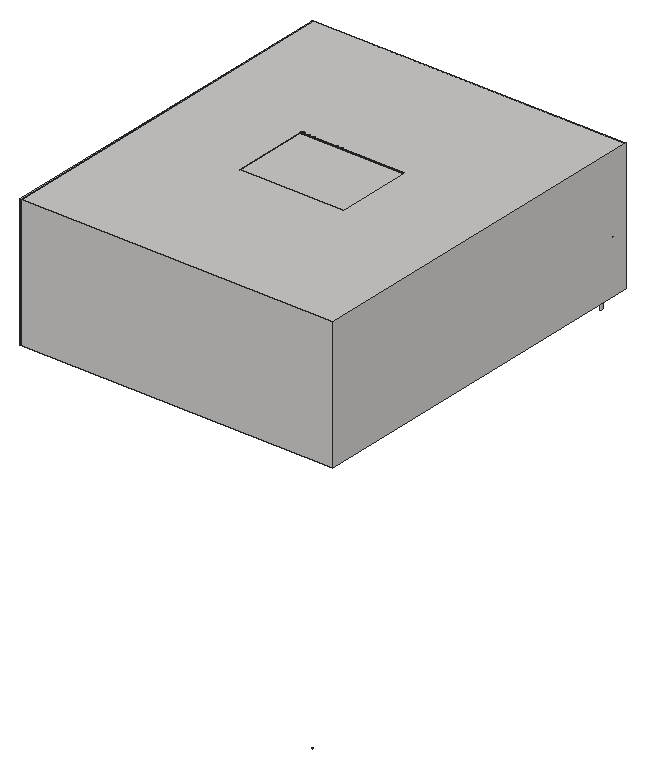
Revit family "QF_ELECTROLUXPROFESSIONAL_640270_VAP1214", category Specialty Equipment, Revit 2014
Reference planes
  plane 1: z = 0
  plane 2 "Center (Left/Right)": x = 150
  plane 3 "LEFT": x = -450
  plane 4 "RIGHT": x = 750
  plane 5 "BACK": y = 550
  plane 6 "TOP": z = 2500
  plane 7 "Base": z = 2000
  plane 8: z = 1970
  plane 9 "DrainY": y = 450
  plane 10: x = -447
  plane 11 "DrainX": x = 737
  plane 12 "AOLeft2": x = 350
  plane 13: x = 747
  plane 14: x = -250
  plane 15: x = 550
  plane 16: x = 50
  plane 17: x = 250
  plane 18 "AOLeft1": x = -50
  plane 19: through (0, 550, 2133.855) normal (0, 0.5299, 0.848)
  plane 20: y = 0
  plane 21: y = -300
  plane 22: y = -150
  plane 23: y = -850
  plane 24: through (0, -850, 2133.855) normal (0, 0.5299, -0.848)
Forms (mm)
  Extrusion 1, solid, material "QF_Finishes_Stainless Steel"
    sketch origin (-450, 0, 360) x (0, 1, 0) y (0, 0, 1)
      loop
        line (550, 1640) -> (550, 2140) -> (-850, 2140) -> (-850, 1640) -> (550, 1640)
    from 0 to 3
  Extrusion 2, solid, material "QF_Finishes_Stainless Steel"
    sketch origin (750, 0, 360) x (0, 1, 0) y (0, 0, 1)
      loop
        line (550, 1640) -> (550, 2140) -> (-850, 2140) -> (-850, 1640) -> (550, 1640)
    from 0 to -3
  Extrusion 3, solid, material "QF_Finishes_Stainless Steel"
    sketch origin (150, 0, 360) x (0, 1, 0) y (0, 0, 1)
      loop
        line (-850, 2140) -> (-850, 1640) -> (-840, 1640) -> (-840, 1640.8) -> (-849.2, 1640.8) -> (-849.2, 2139.19) -> (549.2, 2139.19) -> (549.2, 1640.8) -> (540, 1640.8) -> (540, 1640) -> (550, 1640) -> (550, 2140) -> (-850, 2140)
    from -600 to 600
  Extrusion 4, solid, material "QF_Finishes_Stainless Steel"
    sketch origin (0, 0, 2000) x (0, 1, 0) y (-1, 0, 0)
      loop
        circle (450, -737) r 4.763
    from -30 to 0
  Extrusion 5, void
    sketch origin (0, 400, 2500) x (0, 1, 0) y (-1, 0, 0)
      loop
        line (-400, -350) -> (-400, 50) -> (-700, 50) -> (-700, -350) -> (-400, -350)
    from 0 to -10
  Extrusion 6, solid, material "QF_Finishes_Stainless Steel"
    sketch origin (0, 0, 0) x (1, 0, 0) y (0, 1, 0)
      loop
        line (-450, 550) -> (-450, 549) -> (-449, 549) -> (-449, 550) -> (-450, 550)
    from 0 to 1
  Extrusion 7, solid, material "QF_Finishes_Stainless Steel"
    sketch origin (150, 0, 360) x (0, 1, 0) y (0, 0, 1)
      loop
        line (503.5, 1837.574) -> (207.375, 2022.621) -> (192.198, 1998.364) -> (488.366, 1813.348) -> (503.5, 1837.574)
      loop
        line (-803.5, 1837.574) -> (-788.366, 1813.348) -> (-492.198, 1998.364) -> (-507.375, 2022.621) -> (-803.5, 1837.574)
    from -400 to -597
  Extrusion 8, solid, material "QF_Finishes_Stainless Steel"
    sketch origin (150, 0, 360) x (0, 1, 0) y (0, 0, 1)
      loop
        line (549.2, 1775.312) -> (472.742, 1823.075) -> (472.313, 1822.387) -> (549.2, 1774.355) -> (549.2, 1775.312)
      loop
        line (202.48, 1991.938) -> (126.212, 2039.602) -> (-426.212, 2039.602) -> (-502.48, 1991.938) -> (-502.063, 1991.27) -> (-426, 2038.801) -> (126, 2038.801) -> (202.063, 1991.27) -> (202.48, 1991.938)
      loop
        line (-849.2, 1775.312) -> (-849.2, 1774.355) -> (-772.313, 1822.387) -> (-772.742, 1823.075) -> (-849.2, 1775.312)
    from -597 to 597
  Extrusion 9, solid, material "QF_Finishes_Stainless Steel"
    sketch origin (150, 0, 360) x (0, 1, 0) y (0, 0, 1)
      loop
        line (-507.375, 2022.621) -> (-803.5, 1837.574) -> (-788.366, 1813.348) -> (-492.198, 1998.364) -> (-507.375, 2022.621)
      loop
        line (503.5, 1837.574) -> (207.375, 2022.621) -> (192.198, 1998.364) -> (488.366, 1813.348) -> (503.5, 1837.574)
    from 597 to 400
  Extrusion 10, solid, material "QF_Finishes_Stainless Steel"
    sketch origin (150, 0, 360) x (0, 1, 0) y (0, 0, 1)
      loop
        line (-507.375, 2022.621) -> (-803.5, 1837.574) -> (-788.366, 1813.348) -> (-492.198, 1998.364) -> (-507.375, 2022.621)
      loop
        line (503.5, 1837.574) -> (207.375, 2022.621) -> (192.198, 1998.364) -> (488.366, 1813.348) -> (503.5, 1837.574)
    from -100 to 100
  Extrusion 11, solid, material "QF_Finished_Chrome"
    sketch origin (150, 0, 360) x (0, 1, 0) y (0, 0, 1)
      loop
        line (503.5, 1837.574) -> (207.375, 2022.621) -> (192.198, 1998.364) -> (488.366, 1813.348) -> (503.5, 1837.574)
      loop
        line (-507.375, 2022.621) -> (-803.5, 1837.574) -> (-788.366, 1813.348) -> (-492.198, 1998.364) -> (-507.375, 2022.621)
    from -400 to -100
  Extrusion 12, solid, material "QF_Finished_Chrome"
    sketch origin (150, 0, 360) x (0, 1, 0) y (0, 0, 1)
      loop
        line (-507.375, 2022.621) -> (-803.5, 1837.574) -> (-788.366, 1813.348) -> (-492.198, 1998.364) -> (-507.375, 2022.621)
      loop
        line (503.5, 1837.574) -> (207.375, 2022.621) -> (192.198, 1998.364) -> (488.366, 1813.348) -> (503.5, 1837.574)
    from 100 to 400
  Sweep 13, solid, material "QF_Finishes_Stainless Steel"
    path origin (0, 0, 0) x (1, 0, 0) y (0, 1, 0)
      loop
        line (750, 550) -> (-450, 550) -> (-450, -850) -> (750, -850) -> (750, 550)
    profile origin (750, -150, 0) x (1, 0, 0) y (0, 0, 1)
      loop
        line (-3, 2000) -> (-3, 2000.8) -> (-19, 2000.8) -> (-19, 2010) -> (-20, 2010) -> (-20, 2000) -> (-3, 2000)
Cuts and joins
  Extrusion 5 cuts Extrusion 3
  joined: Extrusion 2, Extrusion 3, Sweep 13
Lines and regions (mm)
  symbolic lines, style "SpecialityEquipment", detail levels coarse
    curve 1: line (750, 550, 2500) -> (-450, 550, 2500)
    curve 2: line (-450, 550, 2500) -> (-450, -850, 2500)
    curve 3: line (750, -850, 2500) -> (750, 550, 2500)
    curve 4: line (-450, 550, 0) -> (750, -850, 0)
    curve 5: line (750, 550, 0) -> (-450, -850, 0)
  symbolic lines, detail levels coarse
    curve 6: line (-450, -850, 0) -> (750, -850, 0)
    curve 7: line (350, 0, 0) -> (-50, 0, 0)
    curve 8: line (350, -300, 0) -> (350, 0, 0)
    curve 9: line (-50, -300, 0) -> (350, -300, 0)
    curve 10: line (-50, 0, 0) -> (-50, -300, 0)
Dimensions and locks
  plane 3 "LEFT" to plane 4 "RIGHT" = 1200 mm
  equal spacing: plane 3 "LEFT", plane 2 "Center (Left/Right)", plane 4 "RIGHT"
  plane 7 "Base" to plane 8 = 30 mm
  plane 5 "BACK" to plane 9 "DrainY" = 100 mm  (x2)
  plane 3 "LEFT" to plane 10 = 3 mm
  plane 11 "DrainX" to plane 4 "RIGHT" = 13 mm
  plane 13 to plane 4 "RIGHT" = 3 mm
  plane 3 "LEFT" to plane 14 = 200 mm
  plane 15 to plane 4 "RIGHT" = 200 mm
  locked: plane 7 "Base" to level at 2000
  locked: plane 6 "TOP" to plane 7 "Base" at 500
  locked: plane 16 to plane 17 at 200
  equal spacing: plane 16, plane 2 "Center (Left/Right)", plane 17
  plane 5 "BACK" to plane 23 = 1400 mm  (x2)
  equal spacing: plane 5 "BACK", plane 22, plane 23
  locked: plane 20 to plane 21 at 300
  equal spacing: plane 20, plane 22, plane 21
  locked: plane 18 "AOLeft1" to plane 12 "AOLeft2" at 400
  equal spacing: plane 18 "AOLeft1", plane 2 "Center (Left/Right)", plane 12 "AOLeft2"
  aligned and locked: level to plane 1
  aligned and locked: plane 4 "RIGHT" to Extrusion 3
  aligned and locked: Extrusion 3 to plane 3 "LEFT"
  aligned and locked: Extrusion 7 to plane 10
  aligned and locked: Extrusion 7 to plane 14
  aligned and locked: Extrusion 2 to plane 13
  aligned and locked: plane 13 to Extrusion 9
  aligned and locked: plane 15 to Extrusion 9
  aligned and locked: plane 17 to Extrusion 10
  aligned and locked: Extrusion 10 to plane 16
  aligned and locked: plane 16 to Extrusion 11
  aligned and locked: Extrusion 11 to plane 14
  aligned and locked: Extrusion 12 to plane 17
  aligned and locked: Extrusion 12 to plane 15
  aligned and locked: Extrusion 8 to plane 10
  aligned and locked: plane 13 to Extrusion 8
  aligned and locked: Extrusion 5 to plane 18 "AOLeft1"
  aligned and locked: Extrusion 5 to plane 12 "AOLeft2"
  aligned and locked: plane 20 to curve 7
  aligned and locked: curve 9 to plane 21
  aligned and locked: plane 20 to Extrusion 5 sketch curve
  aligned and locked: Extrusion 5 sketch curve to plane 21
Automatic sketch dimensions
  Extrusion 1 sketch curve to plane 7 "Base" = 0 mm
  Extrusion 1 sketch curve to plane 5 "BACK" = 0 mm
  Extrusion 1 sketch curve to plane 6 "TOP" = 0 mm
  Extrusion 2 sketch curve to plane 7 "Base" = 0 mm
  Extrusion 2 sketch curve to plane 5 "BACK" = 0 mm
  Extrusion 2 sketch curve to plane 6 "TOP" = 0 mm
  Extrusion 3 sketch curve to plane 6 "TOP" = 0 mm
  Extrusion 3 sketch curve to plane 7 "Base" = 0 mm  (x2)
  Extrusion 3 sketch curve to plane 5 "BACK" = 0 mm
  Extrusion 3 sketch curve to Extrusion 3 sketch curve = 9.2 mm
  plane 7 "Base" to Extrusion 3 sketch curve = 0.8 mm  (x2)
  Extrusion 3 sketch curve to plane 5 "BACK" = 10 mm
  Extrusion 3 sketch curve to plane 5 "BACK" = 0.8 mm
  Extrusion 3 sketch curve to plane 6 "TOP" = 0.81 mm
  Extrusion 4 sketch curve to plane 9 "DrainY" = 0 mm
  Extrusion 4 sketch curve to plane 11 "DrainX" = 0 mm
  Extrusion 5 sketch curve to plane 12 "AOLeft2" = 0 mm
  Extrusion 5 sketch curve to plane 18 "AOLeft1" = 0 mm
  Extrusion 6 sketch curve to plane 3 "LEFT" = 0 mm
  Extrusion 6 sketch curve to plane 5 "BACK" = 0 mm
  plane 3 "LEFT" to Extrusion 6 sketch curve = 1 mm
  Extrusion 6 sketch curve to Extrusion 6 sketch curve = 1 mm
  Sweep 13 sketch curve to plane 3 "LEFT" = 0 mm
  Sweep 13 sketch curve to plane 4 "RIGHT" = 0 mm
  Sweep 13 sketch curve to plane 5 "BACK" = 0 mm
  profile plane to Sweep 13 sketch curve = 20 mm
  Sweep 13 sketch curve to Sweep 13 sketch curve = 1 mm
  profile plane to Sweep 13 sketch curve = 3 mm
  level to Sweep 13 sketch curve = 2000 mm
  Sweep 13 sketch curve to Sweep 13 sketch curve = 0.8 mm
  Sweep 13 sketch curve to Sweep 13 sketch curve = 9.2 mm
  Extrusion 11 sketch curve to plane 5 "BACK" = 46.5 mm
  plane 7 "Base" to Extrusion 11 sketch curve = 197.574 mm
  Extrusion 11 sketch curve to Extrusion 11 sketch curve = 15.134 mm  (x2)
  Extrusion 11 sketch curve to plane 6 "TOP" = 117.379 mm
  Extrusion 11 sketch curve to Extrusion 11 sketch curve = 24.226 mm  (x2)
  Extrusion 11 sketch curve to Extrusion 11 sketch curve = 15.177 mm  (x2)
  Extrusion 11 sketch curve to Extrusion 11 sketch curve = 24.257 mm  (x2)
  Extrusion 11 sketch curve to plane 6 "TOP" = 141.636 mm
  Extrusion 10 sketch curve to plane 6 "TOP" = 117.379 mm  (x2)
  Extrusion 10 sketch curve to Extrusion 10 sketch curve = 24.257 mm  (x2)
  Extrusion 10 sketch curve to Extrusion 10 sketch curve = 24.226 mm  (x2)
  Extrusion 10 sketch curve to Extrusion 10 sketch curve = 15.177 mm  (x2)
  plane 9 "DrainY" to Extrusion 10 sketch curve = 38.366 mm
  Extrusion 10 sketch curve to Extrusion 10 sketch curve = 15.134 mm  (x2)
  plane 7 "Base" to Extrusion 10 sketch curve = 173.348 mm  (x2)
  Extrusion 12 sketch curve to plane 6 "TOP" = 117.379 mm
  Extrusion 12 sketch curve to Extrusion 12 sketch curve = 15.177 mm  (x2)
  Extrusion 12 sketch curve to Extrusion 12 sketch curve = 24.257 mm  (x2)
  Extrusion 12 sketch curve to plane 6 "TOP" = 141.636 mm
  plane 7 "Base" to Extrusion 12 sketch curve = 197.574 mm  (x2)
  Extrusion 12 sketch curve to plane 9 "DrainY" = 257.802 mm
  plane 9 "DrainY" to Extrusion 12 sketch curve = 38.366 mm
  Extrusion 12 sketch curve to Extrusion 12 sketch curve = 15.134 mm  (x2)
  Extrusion 9 sketch curve to plane 6 "TOP" = 117.379 mm  (x2)
  Extrusion 9 sketch curve to Extrusion 9 sketch curve = 24.257 mm  (x2)
  Extrusion 9 sketch curve to Extrusion 9 sketch curve = 24.226 mm  (x2)
  Extrusion 9 sketch curve to plane 5 "BACK" = 46.5 mm
  plane 7 "Base" to Extrusion 9 sketch curve = 197.574 mm
  Extrusion 9 sketch curve to Extrusion 9 sketch curve = 15.134 mm  (x2)
  Extrusion 9 sketch curve to Extrusion 9 sketch curve = 15.177 mm  (x2)
  Extrusion 1 sketch curve to plane 21 = 550 mm
  Extrusion 2 sketch curve to plane 21 = 550 mm
  Extrusion 3 sketch curve to plane 21 = 540 mm
  Extrusion 3 sketch curve to Extrusion 3 sketch curve = 0.8 mm
  Extrusion 9 sketch curve to plane 21 = 192.198 mm
  plane 7 "Base" to Extrusion 9 sketch curve = 173.348 mm
  Extrusion 10 sketch curve to plane 21 = 192.198 mm
  Extrusion 11 sketch curve to plane 21 = 192.198 mm
  plane 7 "Base" to Extrusion 11 sketch curve = 173.348 mm
  Extrusion 12 sketch curve to plane 21 = 192.198 mm
  plane 7 "Base" to Extrusion 12 sketch curve = 173.348 mm
  Sweep 13 sketch curve to plane 21 = 550 mm
  curve 5 to plane 3 "LEFT" = 0 mm
  curve 4 to plane 3 "LEFT" = 0 mm
  curve 10 to plane 18 "AOLeft1" = 0 mm
  curve 8 to plane 12 "AOLeft2" = 0 mm
  curve 5 to plane 4 "RIGHT" = 0 mm
  curve 6 to plane 4 "RIGHT" = 0 mm
  curve 4 to plane 5 "BACK" = 0 mm
  curve 5 to plane 5 "BACK" = 0 mm
  curve 6 to plane 23 = 0 mm
  plane 23 to Extrusion 8 sketch curve = 0.8 mm
  plane 23 to Extrusion 8 sketch curve = 77.258 mm
  Extrusion 8 sketch curve to Extrusion 8 sketch curve = 0.43 mm  (x2)
  Extrusion 8 sketch curve to plane 6 "TOP" = 100.398 mm
  Extrusion 8 sketch curve to plane 21 = 126.212 mm
  Extrusion 8 sketch curve to Extrusion 8 sketch curve = 0.418 mm  (x2)
  plane 20 to Extrusion 8 sketch curve = 126 mm
  Extrusion 8 sketch curve to Extrusion 8 sketch curve = 0.212 mm  (x2)
  Extrusion 8 sketch curve to Extrusion 8 sketch curve = 76.063 mm
  Extrusion 8 sketch curve to plane 6 "TOP" = 148.062 mm
  plane 9 "DrainY" to Extrusion 8 sketch curve = 22.313 mm
  Extrusion 8 sketch curve to plane 5 "BACK" = 0.8 mm
  plane 7 "Base" to Extrusion 8 sketch curve = 183.075 mm  (x2)
  Extrusion 8 sketch curve to Extrusion 8 sketch curve = 0.688 mm  (x2)
  Extrusion 8 sketch curve to Extrusion 8 sketch curve = 0.669 mm
  Extrusion 8 sketch curve to Extrusion 8 sketch curve = 0.801 mm
  Extrusion 8 sketch curve to Extrusion 8 sketch curve = 47.531 mm
  plane 23 to Extrusion 7 sketch curve = 46.5 mm
  Extrusion 7 sketch curve to Extrusion 7 sketch curve = 15.134 mm  (x2)
  Extrusion 7 sketch curve to plane 21 = 207.375 mm
  Extrusion 7 sketch curve to Extrusion 7 sketch curve = 15.177 mm  (x2)
  plane 20 to Extrusion 7 sketch curve = 192.198 mm
  plane 9 "DrainY" to Extrusion 7 sketch curve = 38.366 mm
  plane 7 "Base" to Extrusion 7 sketch curve = 173.348 mm  (x2)
  Extrusion 7 sketch curve to Extrusion 7 sketch curve = 24.226 mm  (x2)
  Extrusion 7 sketch curve to Extrusion 7 sketch curve = 24.257 mm  (x2)
  curve 2 to plane 3 "LEFT" = 0 mm
  curve 2 to plane 23 = 0 mm
  curve 3 to plane 4 "RIGHT" = 0 mm
  curve 3 to plane 23 = 0 mm
  curve 2 to plane 5 "BACK" = 0 mm
  radius of Extrusion 4 sketch curve = 4.763 mm
Connectors
  piping at (737, 450, 1970), diameter 9.5
    settings: on Extrusion 4, index 1, connector inside diameter 609.6 mm, connector length 0 mm, flow factor 0, pipe flow 0.0 L/s, pressure drop 0.0 Pa, fitting loss kfactor 0, connector angle 0.00°, fixture units 0, engagement length 0 mm, angle of deflection 0.00°, flow configuration 1, flow direction 2, fitting loss method 0, system type 16, joint type 0, gender type 0, connector reference index -1, connector utility 0, adjustable connector no, is connector primary yes, connector description "Drain"
  hvac at (150, -150, 2500)
    settings: on Extrusion 5, index 2, duct flow 0.0 L/s, flow factor 0, pres drop 0.0 Pa, loss coef 0, conn angle 0.00°, conn width 300 mm, conn height 400 mm, conn diameter 609.6 mm, duct sys type 3, conn prof type 1, flow config 1, flow direction 2, loss method 0, conn ref index -1, conn util no, is conn primary yes, conn desc "EXHAUST OUTLET"
